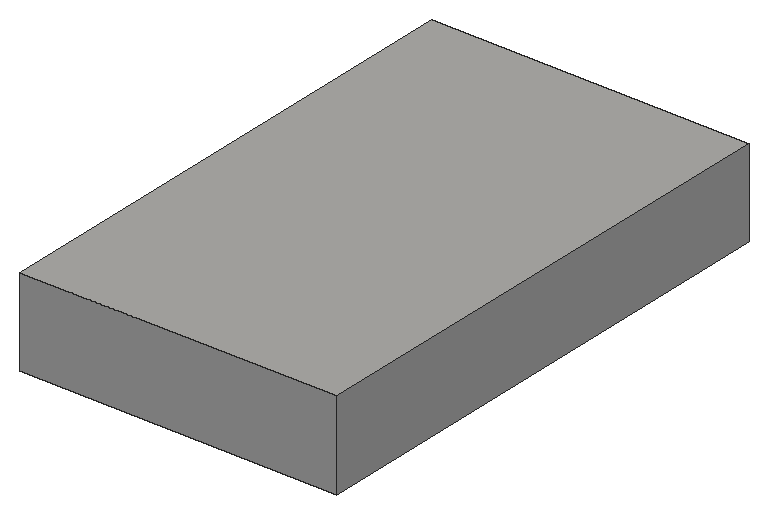
Revit family "SH-45", category Устройства связи, Revit 2016
Family settings
  Сохранять ориентацию аннотаций = Нет
  Тип детали = Нормальный
  Размер круглого соединителя = Использовать диаметр
  На основе рабочей плоскости = Да
  Всегда вертикально = Нет
  При загрузке вырезать с полостями = Нет
  Общий = Да
  Точка расчета площади = Нет
Parameters (values of type "SH-45")
  Размеры = "70х114х19,5 мм"  # constant formula
  Напряжение питания = "12 В"  # constant formula
  Температурный режим = "-40 ... +60 °C"  # constant formula
  Default Elevation = 0 mm
  Описание = "Кнопка выхода SH-45 выполнена из прочной нержавеющей стали и имеет практически неограниченный ресурс нажатий – более 50 млн"  # constant formula
  Материал корпуса = SHV_Сталь
  Класс степени защиты = "IP68"  # constant formula
  Допустимая влажность = "10 – 90%"  # constant formula
  Изображение типоразмера = <Нет>
  Изображение = SHV_Изображение_SH-45
  Изготовитель = "BAS-IP"  # constant formula
  Дополнительно = "Возможность изменение цвета подсветки, Триггерный режим, Накладка из нержавеющей стали"  # constant formula
  Ресурс работы = "Более 50 миллионов нажатий"  # constant formula
  Группа модели = "Кнопка выхода"  # constant formula
  URL = "https://www.bas-ip.ru"
  Email = "support@bimlib.ru"  # constant formula
  BIM library = "https://bimlib.ru/manufacturer/"  # constant formula
  ADSK_Размер_Ширина = 114 mm  # constant formula
  ADSK_Размер_Толщина = 19.5 mm  # constant formula
  ADSK_Размер_Длина = 70 mm  # constant formula
  ADSK_Примечание = ""
  ADSK_Полная мощность = ADSK_Номинальная мощность / ADSK_Коэффициент мощности  # 0 VA
  ADSK_Позиция = ""
  ADSK_Обозначение = ""
  ADSK_Номинальная мощность = 0 W
  ADSK_Напряжение = 12 V  # constant formula
  ADSK_Наименование краткое = ADSK_Марка  # "SH-45"
  ADSK_Наименование = "КНОПКА ВЫХОДА SH-45"
  ADSK_Масса_Текст = ""
  ADSK_Марка = "SH-45"
  ADSK_Коэффициент мощности = 0.9  # constant formula
  ADSK_Количество фаз = 1
  ADSK_Код изделия = ""
  ADSK_Классификация нагрузок = Кнопка выхода
  ADSK_Зона = ""
  ADSK_Завод-изготовитель = Изготовитель  # "BAS-IP"
  ADSK_Единица измерения = "шт"  # constant formula
  ADSK_Версия Revit = "Revit 2016"  # constant formula
  ADSK_URL страницы изделия = "https://www.bas-ip.ru/catalog/accessories/bas-ip-sh-45/"
  ADSK_URL документации изделия = "http://cdn.bas-ip.com/files/Manuals/BAS-IP_SH-45_User_Manual.pdf"
Reference planes
  plane 1 "По центру (Вперед/Назад)": y = 0
  plane 2: z = 0
  plane 3 "По центру (Влево/Вправо)": x = 0
  plane 4: x = -35
  plane 5: y = 57
  plane 6: x = 35
  plane 7: y = -57
  plane 8: z = 3
  plane 9 "Плоскость для коннекторов": z = -16.5
Forms (mm)
  Extrusion 1, solid, material "SHV_Сталь" <- "Материал корпуса", detail levels medium+fine
    sketch origin (0, 0, 0) x (1, 0, 0) y (0, 1, 0)
      loop
        line (-35, 57) -> (-35, -57) -> (35, -57) -> (35, 57) -> (-35, 57)
    from -16.5 to 3
Lines and regions (mm)
  model lines, detail levels coarse
    curve 1: line (-35, 57, 0) -> (35, 57, 0)
    curve 2: line (-35, -57, 0) -> (-35, 57, 0)
    curve 3: line (35, -57, 0) -> (-35, -57, 0)
    curve 4: line (35, 57, 0) -> (35, -57, 0)
Dimensions and locks
  equal spacing: plane 4, plane 3 "По центру (Влево/Вправо)", plane 6
  "ADSK_Размер_Длина": plane 4 to plane 6
  "ADSK_Размер_Ширина": plane 5 to plane 7
  equal spacing: plane 5, plane 1 "По центру (Вперед/Назад)", plane 7
  plane 8 to plane 2 = 3 mm
  plane 3 "По центру (Влево/Вправо)" to Extrusion 1 = 35 mm
  "ADSK_Размер_Толщина": plane 8 to plane 9 "Плоскость для коннекторов"
  aligned and locked: level to plane 2
  aligned and locked: Extrusion 1 sketch curve to plane 4
  aligned and locked: Extrusion 1 sketch curve to plane 5
  aligned and locked: Extrusion 1 sketch curve to plane 6
  aligned and locked: Extrusion 1 sketch curve to plane 7
  aligned and locked: curve 1 to Extrusion 1
  aligned and locked: curve 2 to Extrusion 1
  aligned and locked: curve 3 to Extrusion 1
  aligned and locked: curve 4 to Extrusion 1
  aligned and locked: plane 8 to Extrusion 1
  aligned and locked: Extrusion 1 to plane 9 "Плоскость для коннекторов"
Connectors
  electrical at (-19.5, -49.5, -16.5)
    settings: on plane 9 "Плоскость для коннекторов", index 5, voltage 0 V, apparent load 0 VA, apparent load phase1 0 VA, apparent load phase2 0 VA, apparent load phase3 0 VA, power factor 1, load classification "Прочее", number of poles 1, system type 5, power factor state 1, is connector primary yes, connector utility no, sub classification motor no, connector description ""
  electrical at (19.5, -49.5, -16.5), driven by "ADSK_Количество фаз", driven by "ADSK_Классификация нагрузок", driven by "ADSK_Напряжение", driven by "ADSK_Полная мощность", driven by "ADSK_Коэффициент мощности"
    settings: on plane 9 "Плоскость для коннекторов", index 6, voltage 12 V, apparent load 0 VA, apparent load phase1 0 VA, apparent load phase2 0 VA, apparent load phase3 0 VA, power factor 0.9, load classification "Кнопка выхода", number of poles 1, system type 30, power factor state 1, is connector primary no, connector utility no, sub classification motor no, connector description ""
